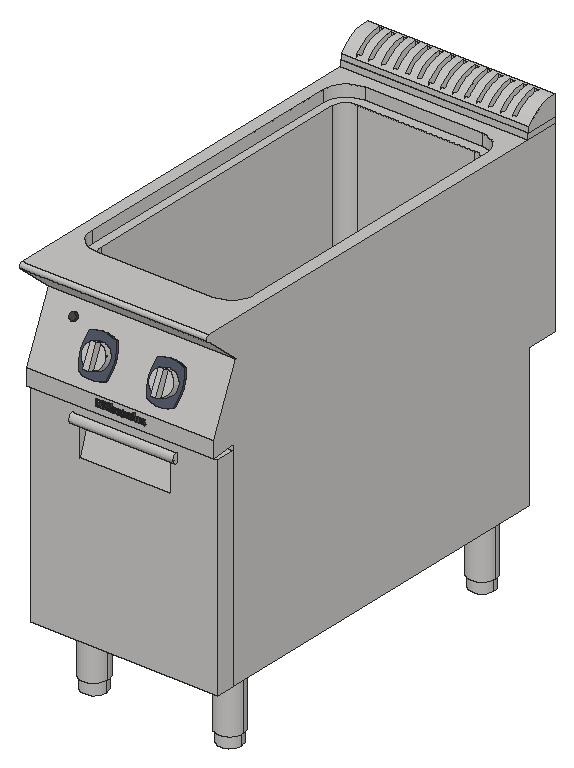
Revit family "QF_ELECTROLUXPROFESSIONAL_391126_E9PCED1MF0", category Specialty Equipment, Revit 2018
Family settings
  Round Connector Dimension = Use Diameter
  Part Type = Normal
  Work Plane-Based = No
  Always vertical = Yes
  Cut with Voids When Loaded = No
  Shared = No
  Room Calculation Point = No
Parameters
  Width = 400 mm  # constant formula
  Weight in Pounds = 62  # constant formula
  Watts = 10000 VA  # 10000 W
  Waste Water Discharge Temperature [instance] = -459.67 °F
  Volts = 400 V  # constant formula
  URL Cutsheet = "www.electrolux.com/foodservice"
  URL = "www.electrolux.com/foodservice"
  Type Mark [instance] = ""
  Status [instance] = ""
  Specification by User [instance] = ""
  Specification by Manufacturer = ""
  Show Logo [instance] = yes
  Show Clearance [instance] = yes
  Serial Number = ""
  Seismic Rating = ""
  SMACNA No = ""
  Revision Code [instance] = ""
  Plumbing Remarks [instance] = ""
  Plumbing Connection Type [instance] = ""
  Phase = 3
  Omniclass Number and Title = ""
  Number of Poles [instance] = 1
  NAFEM Spec ID Number = ""
  Model = "391126"
  Min Ckt Ampacity = 0 A
  Max Overcurrent Protection = 0 A
  Masterspec = ""
  Manufacturer = "ELECTROLUX"
  Item Number [instance] = ""
  Installed By [instance] = ""
  Indirect Waste Size = 25.4 mm  # 1"
  Indirect Waste Flow [instance] = 0 GPM
  Indirect Waste Connection Type [instance] = ""
  Indirect Waste Connection Height = 0 mm
  Identify Quantity as Lot [instance] = yes
  Height = 851 mm  # constant formula
  HP = "13.4 HP"
  Furnished By [instance] = ""
  Foodservice Equipment Identifier [instance] = yes
  FL Amps = if(Phase = 3, Watts / (Volts * 1.73), Watts / Volts)  # 14.4509 A
  Electrical Remarks [instance] = "400 V/3N ph/50/60 Hz"  # constant formula
  Electric Connection Type [instance] = ""
  Elec Conn RI Height [instance] = 0 mm
  Elec Conn Connection Height [instance] = 0 mm
  Direct Waste Size = 1"
  Description = "900XP ELECTRIC PASTA COOKER, 40LT WELL, 1 WELL - 400 V"
  Depth = 930 mm  # constant formula
  Cycle [instance] = if([60 Hertz Option], 60 Hz, 50 Hz)  # 60 Hz
  Conn Plug = ""
  Conn Conduit = yes
  Cold Water Temperature Recommended [instance] = -459.67 °F
  Cold Water Size = 19.1 mm  # 0.75197"
  Cold Water RI Height [instance] = 0 mm
  Cold Water Minimum Pressure = 0.00 psi
  Cold Water Maximum Pressure = 0.00 psi
  Cold Water Flow [instance] = 0 GPM
  Cold Water Consumption = ""
  Cold Water Connection Height = 0 mm
  CSI MasterFormat = ""
  CSI Master Format = ""
  Base Height [instance] = 150 mm  # constant formula
  Apparent Power = if(Phase = 3, Volts * FL Amps * 1.73, Volts * FL Amps)  # 10000 VA
  60 Hertz Option [instance] = not([50 Hertz Option])  # yes
  50 Hertz Option [instance] = no
Reference planes
  plane 1 "BACK": y = 0
  plane 2: z = 0
  plane 3 "LEFT": x = 0
  plane 4 "RIGHT": x = 400
  plane 5 "FRONT": y = -930
  plane 6 "TOP": z = 908
  plane 7 "Center Y": x = 200
  plane 8 "Center X": y = -465
  plane 9 "BASE": z = 601.763
  plane 10 "TOP A": z = 851
  plane 11: z = 150
  plane 12: y = -126
  plane 13: y = -800
  plane 14: y = -1273
  plane 15: x = 345
  plane 16: x = 55
  plane 17: y = -1273
  plane 18: x = 232
  plane 19: x = 334.782
  plane 20: x = 240
  plane 21: x = 240
Forms (mm)
  Extrusion 1, solid, material "QF_Finishes_Stainless Steel"
    sketch origin (0, 0, 0) x (0, 1, 0) y (0, 0, 1)
      loop
        line (0, 851) -> (-923.65, 851)
        arc (-923.65, 851) -> (-929.517, 847.08) -> (-928.14, 840.16) r 6.35
        line (-928.14, 840.16) -> (-852.034, 773.495) -> (-912.145, 642.892) -> (-912.145, 608.853) -> (-858.773, 614.463) -> (-858.773, 150) -> (-70, 150) -> (-70, 451.763) -> (0, 451.763) -> (0, 851)
      loop
        line (-900, 601.763) -> (-900, 150) -> (-860.361, 150) -> (-860.361, 601.763) -> (-900, 601.763)
    from 0 to 400
  Extrusion 2, void
    sketch origin (0, 0, 851) x (-1, 0, 0) y (0, -1, 0)
      loop
        arc (-75, 101.89) -> (-39.645, 116.535) -> (-25, 151.89) r 50
        line (-25, 151.89) -> (-25, 770)
        arc (-25, 770) -> (-39.645, 805.355) -> (-75, 820) r 50
        line (-75, 820) -> (-325, 820)
        arc (-325, 820) -> (-360.355, 805.355) -> (-375, 770) r 50
        line (-375, 770) -> (-375, 151.89)
        arc (-375, 151.89) -> (-360.355, 116.535) -> (-325, 101.89) r 50
        line (-325, 101.89) -> (-75, 101.89)
    from 0 to -25
  Extrusion 3, solid, material "QF_Clearances", visible <- "Show Clearance", detail levels coarse
    sketch origin (0, 0, 0) x (1, 0, 0) y (0, 1, 0)
      loop
        line (0, -930) -> (0, 0) -> (400, 0) -> (400, -930) -> (550.019, -930) -> (550.019, 150.019) -> (-150.019, 150.019) -> (-150.019, -930) -> (0, -930)
    from 0 to 908
  Revolve 4, solid, material "QF_Finishes_Stainless Steel"
    sketch origin (0, -126, 608.09) x (0, 0, 1) y (-1, 0, 0)
      loop
        line (-608.09, -55) -> (-458.09, -55) -> (-458.09, -26) -> (-583.09, -26) -> (-583.09, -28.75) -> (-608.09, -28.75) -> (-608.09, -55)
      axis (-608.09, -55) -> (-458.09, -55)
    angle from 0 to 360
  Revolve 5, solid, material "QF_Finishes_Stainless Steel"
    sketch origin (400.05, -126, 608.09) x (0, 0, 1) y (-1, 0, 0)
      loop
        line (-608.09, 55.05) -> (-608.09, 29.8) -> (-583.09, 29.8) -> (-583.09, 26.05) -> (-458.09, 26.05) -> (-458.09, 55.05) -> (-608.09, 55.05)
      axis (-608.09, 55.05) -> (-458.09, 55.05)
    angle from 0 to 360
  Extrusion 6, solid, material "QF_Door-Drawer Clearances", visible <- "Show Clearance", detail levels coarse
    sketch origin (0, 0, 851) x (-1, 0, 0) y (0, -1, 0)
      loop
        line (-400, 1273) -> (-400, 900) -> (-0.912, 900)
        arc (-0.912, 900) -> (-126.87, 1165.233) -> (-400, 1273) r 400
    from -701 to -249.237
  Revolve 7, solid, material "QF_Finishes_Stainless Steel"
    sketch origin (400.05, -800, 608.09) x (0, 0, 1) y (-1, 0, 0)
      loop
        line (-608.09, 55.05) -> (-608.09, 29.8) -> (-583.09, 29.8) -> (-583.09, 26.05) -> (-458.09, 26.05) -> (-458.09, 55.05) -> (-608.09, 55.05)
      axis (-608.09, 55.05) -> (-458.09, 55.05)
    angle from 0 to 360
  Extrusion 8, solid, material "QF_Finishes_Stainless Steel"
    sketch origin (200, 0, 0) x (0, 1, 0) y (0, 0, 1)
      loop
        line (-71.89, 863.9) -> (-71.89, 851) -> (0, 851) -> (0, 863.9) -> (-71.89, 863.9)
    from -200 to 200
  Extrusion 9, void
    sketch origin (200, -12.863, 0) x (0, 1, 0) y (0, 0, 1)
      loop
        line (-887.138, 564.263) -> (-887.138, 500.55) -> (-863.948, 564.263) -> (-887.138, 564.263)
    from -96.424 to 99.144
  Extrusion 10, solid, material "QF_Finishes_Stainless Steel"
    sketch origin (200, -12.863, 22.5) x (0, 1, 0) y (0, 0, 1)
      loop
        line (-887.137, 541.763) -> (-887.137, 561.763)
        arc (-887.137, 561.763) -> (-897.137, 551.763) -> (-887.137, 541.763) r 10
    from -110.529 to 112.106
  Revolve 11, solid, material "QF_Finishes_Stainless Steel"
    sketch origin (0, -800, 608.09) x (0, 0, 1) y (1, 0, 0)
      loop
        line (-608.09, 55) -> (-608.09, 28.75) -> (-583.09, 28.75) -> (-583.09, 26) -> (-458.09, 26) -> (-458.09, 55) -> (-608.09, 55)
      axis (-608.09, 55) -> (-458.09, 55)
    angle from 0 to 360
  Extrusion 12, solid, material "QF_Finishes_Stainless Steel"
    sketch origin (0, 0, 574.263) x (0, 1, 0) y (0, 0, 1)
      loop
        line (0, 289.638) -> (0, 333.737)
        arc (0, 333.737) -> (-39.336, 326.03) -> (-69.85, 300.038) r 79.141
        line (-69.85, 300.038) -> (-69.85, 289.638) -> (0, 289.638)
    from 0 to 400
  Extrusion 13, void
    sketch origin (0, 0, 848.9) x (0, -1, 0) y (1, 0, 0)
      loop
        line (6.761, 28.703) -> (63.911, 28.703) -> (63.911, 37.999) -> (6.761, 37.999) -> (6.761, 28.703)
      loop
        line (63.911, 63.487) -> (6.761, 63.487) -> (6.761, 54.191) -> (63.911, 54.191) -> (63.911, 63.487)
      loop
        line (63.911, 89.975) -> (6.761, 89.975) -> (6.761, 80.68) -> (63.911, 80.68) -> (63.911, 89.975)
      loop
        line (63.911, 115.464) -> (6.761, 115.464) -> (6.761, 106.168) -> (63.911, 106.168) -> (63.911, 115.464)
      loop
        line (63.911, 140.952) -> (6.761, 140.952) -> (6.761, 131.656) -> (63.911, 131.656) -> (63.911, 140.952)
      loop
        line (63.911, 166.44) -> (6.761, 166.44) -> (6.761, 157.145) -> (63.911, 157.145) -> (63.911, 166.44)
      loop
        line (63.911, 191.929) -> (6.761, 191.929) -> (6.761, 182.633) -> (63.911, 182.633) -> (63.911, 191.929)
      loop
        line (63.911, 217.417) -> (6.761, 217.417) -> (6.761, 208.121) -> (63.911, 208.121) -> (63.911, 217.417)
      loop
        line (63.911, 242.905) -> (6.761, 242.905) -> (6.761, 233.61) -> (63.911, 233.61) -> (63.911, 242.905)
      loop
        line (63.911, 268.394) -> (6.761, 268.394) -> (6.761, 259.098) -> (63.911, 259.098) -> (63.911, 268.394)
      loop
        line (63.911, 293.882) -> (6.761, 293.882) -> (6.761, 284.586) -> (63.911, 284.586) -> (63.911, 293.882)
      loop
        line (63.911, 319.37) -> (6.761, 319.37) -> (6.761, 310.075) -> (63.911, 310.075) -> (63.911, 319.37)
      loop
        line (63.911, 345.859) -> (6.761, 345.859) -> (6.761, 336.563) -> (63.911, 336.563) -> (63.911, 345.859)
      loop
        line (63.911, 370.347) -> (6.761, 370.347) -> (6.761, 361.051) -> (63.911, 361.051) -> (63.911, 370.347)
    from 25.4 to 63.5
  Extrusion 14, solid, material "QF_Finishes_Navy Blue", visible <- "Show Logo"
    sketch origin (0, -912.145, 608.853) x (0, 0, 1) y (-1, 0, 0)
      loop
        line (27.359, -159.055) -> (14.993, -159.055)
        arc (14.993, -159.055) -> (21.176, -163.626) -> (27.359, -159.055) r 6.467
      loop
        arc (27.359, -158.426) -> (26.19, -153.283) -> (21.534, -150.805) r 6.338
        line (21.534, -150.805) -> (21.534, -152.851)
        arc (21.534, -152.851) -> (23.018, -156.506) -> (26.464, -158.426) r 5.941
        line (26.464, -158.426) -> (27.359, -158.426)
      loop
        arc (15.888, -158.426) -> (19.334, -156.506) -> (20.817, -152.851) r 5.941
        line (20.817, -152.851) -> (20.817, -150.805)
        arc (20.817, -150.805) -> (16.123, -153.279) -> (14.834, -158.426) r 6.504
        line (14.834, -158.426) -> (15.888, -158.426)
      loop
        line (28.034, -150.336) -> (14.29, -150.336) -> (14.29, -164.099) -> (28.034, -164.099) -> (28.034, -150.336)
      loop
        arc (28.118, -167.066) -> (27.77, -166.709) -> (27.403, -167.047) r 0.358
        arc (27.403, -167.047) -> (27.089, -167.797) -> (26.372, -168.182) r 1.216
        line (26.372, -168.182) -> (15.959, -168.182)
        arc (15.959, -168.182) -> (15.299, -167.904) -> (14.903, -167.308) r 1.238
        arc (14.903, -167.308) -> (14.509, -167.057) -> (14.203, -167.411) r 0.358
        line (14.203, -167.411) -> (14.203, -177.29) -> (16.954, -177.29) -> (16.954, -176.393)
        arc (16.954, -176.393) -> (16.045, -175.813) -> (15.589, -174.836) r 1.928
        line (15.589, -174.836) -> (15.589, -172.337)
        arc (15.589, -172.337) -> (15.865, -171.608) -> (16.553, -171.244) r 1.101
        line (16.553, -171.244) -> (20.64, -171.244) -> (20.64, -174.917)
        arc (20.64, -174.917) -> (20.287, -175.414) -> (19.722, -175.642) r 1.083
        arc (19.722, -175.642) -> (19.459, -175.948) -> (19.751, -176.226) r 0.292
        line (19.751, -176.226) -> (22.713, -176.226)
        arc (22.713, -176.226) -> (23.016, -175.953) -> (22.777, -175.623) r 0.305
        arc (22.777, -175.623) -> (22.286, -175.375) -> (21.981, -174.917) r 1.083
        line (21.981, -174.917) -> (21.981, -171.244) -> (26.659, -171.244) -> (26.659, -174.991)
        arc (26.659, -174.991) -> (26.444, -175.747) -> (25.838, -176.245) r 1.314
        arc (25.838, -176.245) -> (25.619, -176.649) -> (25.973, -176.941) r 0.361
        line (25.973, -176.941) -> (28.118, -176.941) -> (28.118, -167.066)
      loop
        arc (27.4, -177.722) -> (27.02, -178.641) -> (26.101, -179.021) r 1.299
        line (26.101, -179.021) -> (16.522, -179.021)
        arc (16.522, -179.021) -> (15.684, -178.643) -> (15.413, -177.765) r 1.118
        line (15.413, -177.765) -> (14.203, -177.765) -> (14.203, -183.115) -> (15.391, -183.115)
        arc (15.391, -183.115) -> (15.663, -182.198) -> (16.533, -181.802) r 1.153
        line (16.533, -181.802) -> (28.605, -181.802) -> (27.4, -177.722)
      loop
        line (19.168, -185.751) -> (19.168, -192.198) -> (19.967, -192.198)
        arc (19.967, -192.198) -> (22.547, -191.214) -> (23.816, -188.76) r 3.874
        line (23.816, -188.76) -> (23.816, -187)
        arc (23.816, -187) -> (22.629, -184.135) -> (19.765, -182.949) r 4.051
        line (19.765, -182.949) -> (17.757, -182.949)
        arc (17.757, -182.949) -> (14.938, -184.434) -> (13.887, -187.441) r 4.352
        arc (13.887, -187.441) -> (14.251, -189.904) -> (15.629, -191.978) r 5.713
        line (15.629, -191.978) -> (16.578, -191.978)
        arc (16.578, -191.978) -> (15.845, -190.409) -> (15.629, -188.691) r 5.579
        arc (15.629, -188.691) -> (16.422, -186.728) -> (18.301, -185.751) r 3.057
        line (18.301, -185.751) -> (19.168, -185.751)
      loop
        line (20.427, -185.751) -> (20.427, -189.333)
        arc (20.427, -189.333) -> (21.884, -189.38) -> (22.767, -188.221) r 1.59
        line (22.767, -188.221) -> (22.767, -187.391)
        arc (22.767, -187.391) -> (21.902, -186.136) -> (20.427, -185.751) r 2.184
      loop
        arc (23.218, -201.616) -> (23.707, -199.942) -> (23.864, -198.205) r 9.023
        line (23.864, -198.205) -> (23.864, -196.843)
        arc (23.864, -196.843) -> (22.705, -194.043) -> (19.905, -192.883) r 3.959
        line (19.905, -192.883) -> (17.305, -192.883)
        arc (17.305, -192.883) -> (15.023, -194.176) -> (13.906, -196.549) r 4.331
        line (13.906, -196.549) -> (13.906, -198.684)
        arc (13.906, -198.684) -> (14.414, -200.234) -> (15.336, -201.58) r 5.772
        arc (15.336, -201.58) -> (16.098, -201.631) -> (16.184, -200.872) r 0.553
        arc (16.184, -200.872) -> (15.796, -200.138) -> (15.662, -199.319) r 2.573
        line (15.662, -199.319) -> (15.662, -197.804)
        arc (15.662, -197.804) -> (16.668, -196.162) -> (18.483, -195.52) r 2.884
        line (18.483, -195.52) -> (19.762, -195.52)
        arc (19.762, -195.52) -> (21.583, -196.08) -> (22.509, -197.745) r 2.554
        line (22.509, -197.745) -> (22.509, -198.798)
        arc (22.509, -198.798) -> (22.178, -199.726) -> (21.521, -200.461) r 2.564
        arc (21.521, -200.461) -> (21.299, -201.178) -> (21.909, -201.616) r 0.643
        line (21.909, -201.616) -> (23.218, -201.616)
      loop
        line (22.2, -201.886) -> (22.2, -203.387) -> (16.152, -203.387)
        arc (16.152, -203.387) -> (14.564, -204.045) -> (13.906, -205.633) r 2.246
        line (13.906, -205.633) -> (13.906, -207.217)
        arc (13.906, -207.217) -> (14.22, -208.081) -> (14.72, -208.853) r 4.06
        arc (14.72, -208.853) -> (15.453, -208.986) -> (15.704, -208.285) r 0.576
        arc (15.704, -208.285) -> (15.598, -207.759) -> (15.662, -207.227) r 1.69
        arc (15.662, -207.227) -> (16.204, -206.439) -> (17.11, -206.136) r 1.506
        line (17.11, -206.136) -> (22.248, -206.136) -> (22.248, -208.533) -> (22.805, -209.089) -> (23.626, -209.089) -> (23.626, -206.23) -> (26.857, -206.23) -> (22.2, -201.886)
      loop
        line (14.124, -209.987) -> (14.124, -215.374) -> (15.234, -215.374)
        arc (15.234, -215.374) -> (15.627, -214.423) -> (16.578, -214.029) r 1.345
        line (16.578, -214.029) -> (20.195, -214.029)
        arc (20.195, -214.029) -> (20.959, -214.621) -> (21.249, -215.543) r 1.615
        line (21.249, -215.543) -> (21.249, -217.099) -> (23.805, -217.784) -> (23.805, -216.401) -> (21.862, -213.842) -> (23.742, -213.842) -> (23.458, -211.136)
        arc (23.458, -211.136) -> (23.018, -210.606) -> (22.359, -210.807) r 0.621
        arc (22.359, -210.807) -> (21.959, -211.149) -> (21.465, -211.332) r 1.501
        line (21.465, -211.332) -> (16.578, -211.332)
        arc (16.578, -211.332) -> (15.627, -210.938) -> (15.234, -209.987) r 1.345
        line (15.234, -209.987) -> (14.124, -209.987)
      loop
        line (20.225, -217.321) -> (17.533, -217.321)
        arc (17.533, -217.321) -> (15.088, -218.629) -> (13.954, -221.159) r 4.288
        arc (13.954, -221.159) -> (13.89, -222.54) -> (13.954, -223.92) r 15.022
        arc (13.954, -223.92) -> (15.088, -226.451) -> (17.533, -227.758) r 4.288
        line (17.533, -227.758) -> (20.225, -227.758)
        arc (20.225, -227.758) -> (22.671, -226.451) -> (23.805, -223.92) r 4.288
        arc (23.805, -223.92) -> (23.868, -222.54) -> (23.805, -221.159) r 15.022
        arc (23.805, -221.159) -> (22.671, -218.629) -> (20.225, -217.321) r 4.288
      loop
        line (20.43, -220.435) -> (17.328, -220.435)
        arc (17.328, -220.435) -> (15.171, -222.592) -> (17.328, -224.749) r 2.157
        line (17.328, -224.749) -> (20.43, -224.749)
        arc (20.43, -224.749) -> (22.587, -222.592) -> (20.43, -220.435) r 2.157
      loop
        arc (27.411, -227.616) -> (27.041, -228.51) -> (26.147, -228.881) r 1.264
        line (26.147, -228.881) -> (16.282, -228.881)
        arc (16.282, -228.881) -> (15.412, -228.484) -> (15.141, -227.568) r 1.153
        line (15.141, -227.568) -> (14.203, -227.568) -> (14.203, -232.676) -> (15.131, -232.676)
        arc (15.131, -232.676) -> (15.49, -231.904) -> (16.282, -231.589) r 1.153
        line (16.282, -231.589) -> (28.605, -231.589) -> (27.411, -227.616)
      loop
        arc (22.531, -232.213) -> (22.332, -233.278) -> (21.363, -233.76) r 1.215
        line (21.363, -233.76) -> (16.343, -233.76)
        arc (16.343, -233.76) -> (14.728, -234.407) -> (14.008, -235.99) r 2.338
        line (14.008, -235.99) -> (14.008, -237.505)
        arc (14.008, -237.505) -> (14.182, -238.509) -> (14.684, -239.395) r 2.979
        line (14.684, -239.395) -> (14.203, -241.192) -> (14.203, -242.88) -> (23.629, -242.88) -> (23.335, -238.677) -> (22.548, -238.677)
        arc (22.548, -238.677) -> (22.192, -239.513) -> (21.44, -240.022) r 1.605
        line (21.44, -240.022) -> (16.337, -240.022)
        arc (16.337, -240.022) -> (15.917, -239.085) -> (15.844, -238.061) r 2.94
        arc (15.844, -238.061) -> (16.405, -236.96) -> (17.558, -236.517) r 1.724
        line (17.558, -236.517) -> (23.755, -236.517) -> (22.531, -232.213)
      loop
        line (23.559, -243.734) -> (21.887, -245.78) -> (18.713, -248.086) -> (15.257, -244.974)
        arc (15.257, -244.974) -> (15.02, -244.58) -> (15.042, -244.121) r 0.789
        line (15.042, -244.121) -> (14.203, -244.121) -> (14.203, -247.666) -> (15.029, -247.666)
        arc (15.029, -247.666) -> (15.372, -247.304) -> (15.862, -247.396) r 0.52
        line (15.862, -247.396) -> (17.661, -248.867) -> (15.543, -250.242)
        arc (15.543, -250.242) -> (15.142, -249.932) -> (15.055, -249.433) r 0.7
        line (15.055, -249.433) -> (14.203, -249.433) -> (14.203, -255.36) -> (15.09, -255.36)
        arc (15.09, -255.36) -> (15.157, -254.701) -> (15.552, -254.17) r 1.247
        line (15.552, -254.17) -> (19.751, -250.889) -> (22.198, -252.942) -> (23.559, -254.684) -> (23.559, -250.96) -> (22.074, -251.383) -> (20.553, -250.106) -> (22.253, -248.916) -> (23.559, -249.692) -> (23.559, -243.734)
    from 0 to 1.644
  Extrusion 15, void
    sketch origin (0, 0, 791) x (0, 1, 0) y (-1, 0, 0)
      loop
        arc (-121.89, -75) -> (-130.677, -53.787) -> (-151.89, -45) r 30
        line (-151.89, -45) -> (-606.643, -45)
        arc (-606.643, -45) -> (-627.856, -53.787) -> (-636.643, -75) r 30
        line (-636.643, -75) -> (-636.643, -325)
        arc (-636.643, -325) -> (-627.856, -346.213) -> (-606.643, -355) r 30
        line (-606.643, -355) -> (-151.89, -355)
        arc (-151.89, -355) -> (-130.677, -346.213) -> (-121.89, -325) r 30
        line (-121.89, -325) -> (-121.89, -75)
    from 35 to -339.237
  Extrusion 16, void
    sketch origin (0, -1273.285, 791) x (0, 1, 0) y (-1, 0, 0)
      loop
        line (473.285, -75) -> (473.285, -325)
        arc (473.285, -325) -> (482.072, -346.213) -> (503.285, -355) r 30
        line (503.285, -355) -> (666.643, -355)
        arc (666.643, -355) -> (645.429, -346.213) -> (636.643, -325) r 30
        line (636.643, -325) -> (636.643, -75)
        arc (636.643, -75) -> (645.429, -53.787) -> (666.643, -45) r 30
        line (666.643, -45) -> (503.285, -45)
        arc (503.285, -45) -> (482.072, -53.787) -> (473.285, -75) r 30
    from 35 to -189.237
  Extrusion 17, solid, material "QF_Finishes_Stainless Steel"
    sketch origin (0, 0, 0) x (1, 0, 0) y (0, 1, 0)
      loop
        circle (232, -780) r 12.7
    from 176 to 292.788
  Extrusion 18, solid, material "QF_Finishes_Stainless Steel"
    sketch origin (0, 0, 150) x (-1, 0, 0) y (0, 1, 0)
      loop
        circle (-240, -570) r 6.35
    from 0 to 10
  Extrusion 19, solid, material "QF_Finishes_Stainless Steel"
    sketch origin (152.628, 92.372, 0) x (1, 0, 0) y (0, 1, 0)
      loop
        circle (182.372, -792.372) r 9.525
    from 200 to 331.575
  Extrusion 20, solid, material "QF_Finishes_Navy Blue"
    sketch origin (-405.52, -913.486, 639.979) x (0, 0.418102, 0.9084) y (-1, 0, 0)
      loop
        arc (102.623, -510.47) -> (67.041, -502.846) -> (31.333, -509.853) r 90.5
        arc (31.333, -509.853) -> (24.507, -539.04) -> (31.333, -568.228) r 65.817
        arc (31.333, -568.228) -> (67.04, -575.188) -> (102.623, -567.615) r 91.066
        arc (102.623, -567.615) -> (109.179, -539.043) -> (102.623, -510.47) r 65.546
    from 0 to 3.175
  Extrusion 21, solid, material "QF_Finishes_Stainless Steel"
    sketch origin (-26.77, -917.2, 639.505) x (0, 0.418102, 0.9084) y (-1, 0, 0)
      loop
        circle (68.826, -160.963) r 25.4
    from 0 to 12.7
  Extrusion 22, solid, material "QF_Finishes_Stainless Steel"
    sketch origin (-26.77, -928.736, 644.814) x (0, 0.418102, 0.9084) y (-1, 0, 0)
      loop
        arc (93.558, -166.749) -> (94.226, -160.963) -> (93.558, -155.177) r 25.4
        line (93.558, -155.177) -> (44.094, -155.177)
        arc (44.094, -155.177) -> (43.426, -160.963) -> (44.094, -166.749) r 25.4
        line (44.094, -166.749) -> (93.558, -166.749)
    from 0 to 12.7
  Extrusion 23, solid, material "QF_Finishes_Navy Blue"
    sketch origin (-260.52, -913.486, 639.979) x (0, 0.418102, 0.9084) y (-1, 0, 0)
      loop
        arc (102.623, -510.47) -> (67.041, -502.846) -> (31.333, -509.853) r 90.5
        arc (31.333, -509.853) -> (24.507, -539.04) -> (31.333, -568.228) r 65.817
        arc (31.333, -568.228) -> (67.04, -575.188) -> (102.623, -567.615) r 91.066
        arc (102.623, -567.615) -> (109.179, -539.043) -> (102.623, -510.47) r 65.546
    from 0 to 3.175
  Extrusion 24, solid, material "QF_Finishes_Stainless Steel"
    sketch origin (118.23, -917.2, 639.505) x (0, 0.418102, 0.9084) y (-1, 0, 0)
      loop
        circle (68.826, -160.963) r 25.4
    from 0 to 12.7
  Extrusion 25, solid, material "QF_Finishes_Stainless Steel"
    sketch origin (118.23, -928.736, 644.814) x (0, 0.418102, 0.9084) y (-1, 0, 0)
      loop
        arc (93.558, -166.749) -> (94.226, -160.963) -> (93.558, -155.177) r 25.4
        line (93.558, -155.177) -> (44.094, -155.177)
        arc (44.094, -155.177) -> (43.426, -160.963) -> (44.094, -166.749) r 25.4
        line (44.094, -166.749) -> (93.558, -166.749)
    from 0 to 12.7
  Extrusion 26, solid, material "QF_Finishes_Black"
    sketch origin (-36.317, -915, 636.69) x (0, 0.418102, 0.9084) y (-1, 0, 0)
      loop
        circle (117.556, -101.317) r 7.5
    from 0 to 4
Cuts and joins
  Extrusion 2, Extrusion 9, Extrusion 15, Extrusion 16 cuts Extrusion 1
  Extrusion 13 cuts Extrusion 12
Lines and regions (mm)
  symbolic lines, style "QF_Clearances", visible <- "Show Clearance", detail levels coarse
    curve 1: line (-150.019, 150.019, 851) -> (-150.019, -930, 851)
    curve 2: line (550.019, 150.019, 851) -> (-150.019, 150.019, 851)
    curve 3: line (550.019, -930, 851) -> (550.019, 150.019, 851)
  symbolic lines
    curve 4: line (0, -930, 851) -> (0, 0, 851)
    curve 5: line (400, 0, 851) -> (400, -930, 851)
    curve 6: line (400, -930, 851) -> (0, -930, 851)
    curve 9: line (0, -71.89, 851) -> (400, -71.89, 851)
    curve 10: line (0, 0, 851) -> (400, 0, 851)
    curve 11: line (28.703, -6.761, 851) -> (37.999, -6.761, 851)
    curve 12: line (28.703, -63.911, 851) -> (28.703, -6.761, 851)
    curve 13: line (37.999, -63.911, 851) -> (28.703, -63.911, 851)
    curve 14: line (37.999, -6.761, 851) -> (37.999, -63.911, 851)
    curve 15: line (54.191, -6.761, 851) -> (63.487, -6.761, 851)
    curve 16: line (54.191, -63.911, 851) -> (54.191, -6.761, 851)
    curve 17: line (63.487, -63.911, 851) -> (54.191, -63.911, 851)
    curve 18: line (63.487, -6.761, 851) -> (63.487, -63.911, 851)
    curve 19: line (80.68, -6.761, 851) -> (89.975, -6.761, 851)
    curve 20: line (80.68, -63.911, 851) -> (80.68, -6.761, 851)
    curve 21: line (89.975, -63.911, 851) -> (80.68, -63.911, 851)
    curve 22: line (89.975, -6.761, 851) -> (89.975, -63.911, 851)
    curve 23: line (106.168, -6.761, 851) -> (115.464, -6.761, 851)
    curve 24: line (106.168, -63.911, 851) -> (106.168, -6.761, 851)
    curve 25: line (115.464, -63.911, 851) -> (106.168, -63.911, 851)
    curve 26: line (115.464, -6.761, 851) -> (115.464, -63.911, 851)
    curve 27: line (131.656, -6.761, 851) -> (140.952, -6.761, 851)
    curve 28: line (131.656, -63.911, 851) -> (131.656, -6.761, 851)
    curve 29: line (140.952, -63.911, 851) -> (131.656, -63.911, 851)
    curve 30: line (140.952, -6.761, 851) -> (140.952, -63.911, 851)
    curve 31: line (157.145, -6.761, 851) -> (166.44, -6.761, 851)
    curve 32: line (157.145, -63.911, 851) -> (157.145, -6.761, 851)
    curve 33: line (166.44, -63.911, 851) -> (157.145, -63.911, 851)
    curve 34: line (166.44, -6.761, 851) -> (166.44, -63.911, 851)
    curve 35: line (182.633, -6.761, 851) -> (191.929, -6.761, 851)
    curve 36: line (182.633, -63.911, 851) -> (182.633, -6.761, 851)
    curve 37: line (191.929, -63.911, 851) -> (182.633, -63.911, 851)
    curve 38: line (191.929, -6.761, 851) -> (191.929, -63.911, 851)
    curve 39: line (208.121, -6.761, 851) -> (218.417, -6.761, 851)
    curve 40: line (208.121, -63.911, 851) -> (208.121, -6.761, 851)
    curve 41: line (218.417, -63.911, 851) -> (208.121, -63.911, 851)
    curve 42: line (218.417, -6.761, 851) -> (218.417, -63.911, 851)
    curve 43: line (234.61, -6.761, 851) -> (243.905, -6.761, 851)
    curve 44: line (234.61, -63.911, 851) -> (234.61, -6.761, 851)
    curve 45: line (243.905, -63.911, 851) -> (234.61, -63.911, 851)
    curve 46: line (243.905, -6.761, 851) -> (243.905, -63.911, 851)
    curve 47: line (260.098, -6.761, 851) -> (269.394, -6.761, 851)
    curve 48: line (260.098, -63.911, 851) -> (260.098, -6.761, 851)
    curve 49: line (269.394, -63.911, 851) -> (260.098, -63.911, 851)
    curve 50: line (269.394, -6.761, 851) -> (269.394, -63.911, 851)
    curve 51: line (285.586, -6.761, 851) -> (294.882, -6.761, 851)
    curve 52: line (285.586, -63.911, 851) -> (285.586, -6.761, 851)
    curve 53: line (294.882, -63.911, 851) -> (285.586, -63.911, 851)
    curve 54: line (294.882, -6.761, 851) -> (294.882, -63.911, 851)
    curve 55: line (311.075, -6.761, 851) -> (320.37, -6.761, 851)
    curve 56: line (311.075, -63.911, 851) -> (311.075, -6.761, 851)
    curve 57: line (320.37, -63.911, 851) -> (311.075, -63.911, 851)
    curve 58: line (320.37, -6.761, 851) -> (320.37, -63.911, 851)
    curve 59: line (336.563, -6.761, 851) -> (345.859, -6.761, 851)
    curve 60: line (336.563, -63.911, 851) -> (336.563, -6.761, 851)
    curve 61: line (345.859, -63.911, 851) -> (336.563, -63.911, 851)
    curve 62: line (345.859, -6.761, 851) -> (345.859, -63.911, 851)
    curve 63: line (361.051, -6.761, 851) -> (370.347, -6.761, 851)
    curve 64: line (361.051, -63.911, 851) -> (361.051, -6.761, 851)
    curve 65: line (370.347, -63.911, 851) -> (361.051, -63.911, 851)
    curve 66: line (370.347, -6.761, 851) -> (370.347, -63.911, 851)
    curve 67: line (25, -770, 851) -> (25, -151.89, 851)
    curve 68: arc (25, -151.89, 851) -> (39.645, -116.535, 851) -> (75, -101.89, 851) r 50
    curve 69: line (75, -101.89, 851) -> (325, -101.89, 851)
    curve 70: arc (325, -101.89, 851) -> (360.355, -116.535, 851) -> (375, -151.89, 851) r 50
    curve 71: line (375, -151.89, 851) -> (375, -770, 851)
    curve 72: arc (375, -770, 851) -> (360.355, -805.355, 851) -> (325, -820, 851) r 50
    curve 73: line (325, -820, 851) -> (75, -820, 851)
    curve 74: arc (75, -820, 851) -> (39.645, -805.355, 851) -> (25, -770, 851) r 50
    curve 75: line (75, -121.89, 851) -> (325, -121.89, 851)
    curve 76: arc (325, -121.89, 851) -> (346.213, -130.677, 851) -> (355, -151.89, 851) r 30
    curve 77: line (355, -151.89, 851) -> (355, -770, 851)
    curve 78: arc (355, -770, 851) -> (346.213, -791.213, 851) -> (325, -800, 851) r 30
    curve 79: line (325, -800, 851) -> (75, -800, 851)
    curve 80: arc (75, -800, 851) -> (53.787, -791.213, 851) -> (45, -770, 851) r 30
    curve 81: line (45, -770, 851) -> (45, -151.89, 851)
    curve 82: arc (45, -151.89, 851) -> (53.787, -130.677, 851) -> (75, -121.89, 851) r 30
    curve 83: line (75, -636.643, 851) -> (325, -636.643, 851)
    curve 84: arc (45, -606.643, 851) -> (53.787, -627.856, 851) -> (75, -636.643, 851) r 30
    curve 85: arc (325, -636.643, 851) -> (346.213, -627.856, 851) -> (355, -606.643, 851) r 30
    curve 86: line (65, -606.643, 851) -> (65, -151.89, 851)
    curve 87: line (75, -616.643, 851) -> (325, -616.643, 851)
    curve 88: arc (65, -606.643, 851) -> (67.929, -613.714, 851) -> (75, -616.643, 851) r 10
    curve 89: arc (325, -616.643, 851) -> (332.071, -613.714, 851) -> (335, -606.643, 851) r 10
    curve 90: line (335, -151.89, 851) -> (335, -606.643, 851)
    curve 91: arc (325, -141.89, 851) -> (332.071, -144.819, 851) -> (335, -151.89, 851) r 10
    curve 92: line (75, -141.89, 851) -> (325, -141.89, 851)
    curve 93: arc (65, -151.89, 851) -> (67.929, -144.819, 851) -> (75, -141.89, 851) r 10
  symbolic lines, style "QF_Door-Drawer Clearances"
    curve 7: arc (4.082, -930, 851) -> (23.737, -1008.742, 851) -> (58.881, -1081.897, 851) r 400
    curve 8: line (58.881, -1081.897, 851) -> (326.76, -930, 851)
Dimensions and locks
  equal spacing: plane 3 "LEFT", plane 7 "Center Y", plane 4 "RIGHT"
  "Width": plane 3 "LEFT" to plane 4 "RIGHT"
  equal spacing: plane 5 "FRONT", plane 8 "Center X", plane 1 "BACK"
  "Depth": plane 5 "FRONT" to plane 1 "BACK"
  plane 1 "BACK" to plane 5 "FRONT" = 930 mm
  "Base Height": plane 11 to level
  plane 1 "BACK" to plane 12 = 126 mm
  plane 12 to plane 13 to cut or joined group of Extrusion 1, Extrusion 2, Extrusion 9, Extrusion 15, Extrusion 16 = 674 mm, 100 mm
  locked: plane 14 to plane 5 "FRONT" at 343
  plane 4 "RIGHT" to plane 15 = 55 mm
  plane 16 to plane 3 "LEFT" = 55 mm
  plane 5 "FRONT" to plane 1 "BACK" = 930 mm
  plane 4 "RIGHT" to plane 3 "LEFT" = 400 mm
  plane 5 "FRONT" to plane 17 = 343 mm
  plane 1 "BACK" to curve 2 = 150.019 mm
  plane 4 "RIGHT" to curve 3 = 150.019 mm
  curve 1 to plane 3 "LEFT" = 150.019 mm
  "Height": plane 10 "TOP A" to level
  plane 10 "TOP A" to plane 11 = 701 mm
  plane 10 "TOP A" to plane 11 to level = 701 mm, 150 mm
  plane 6 "TOP" to level = 908 mm
  plane 15 to plane 16 = 290 mm
  plane 3 "LEFT" to Extrusion 17 sketch curve = 232 mm
  Extrusion 17 sketch curve to plane 1 "BACK" = 780 mm
  cut or joined group of Extrusion 1, Extrusion 2, Extrusion 9, Extrusion 15, Extrusion 16 to Extrusion 17 = 26 mm
  plane 3 "LEFT" to Extrusion 18 sketch curve = 240 mm
  Extrusion 18 sketch curve to plane 1 "BACK" = 570 mm
  Extrusion 18 to plane 1 "BACK" = 570 mm
  Extrusion 17 to plane 1 "BACK" = 780 mm
  plane 3 "LEFT" to plane 18 = 232 mm
  plane 19 to plane 4 "RIGHT" = 65.218 mm
  Extrusion 19 to plane 1 "BACK" = 700 mm
  cut or joined group of Extrusion 1, Extrusion 2, Extrusion 9, Extrusion 15, Extrusion 16 to Extrusion 19 = 50 mm
  plane 1 "BACK" to Extrusion 19 = 700 mm
  plane 1 "BACK" to Extrusion 18 = 570 mm
  plane 1 "BACK" to Extrusion 17 = 780 mm
  Extrusion 19 to plane 11 = 50 mm
  plane 3 "LEFT" to plane 21 = 240 mm
  aligned and locked: level to plane 2
  aligned and locked: plane 4 "RIGHT" to Extrusion 1
  aligned and locked: plane 6 "TOP" to Extrusion 3
  aligned and locked: plane 13 to Revolve 7
  aligned and locked: plane 12 to Revolve 4
  aligned and locked: plane 12 to Revolve 5
  aligned and locked: plane 4 "RIGHT" to Extrusion 8
  aligned and locked: plane 14 to Extrusion 6 sketch curve
  aligned and locked: plane 13 to Revolve 11
Automatic sketch dimensions
  Extrusion 1 sketch curve to plane 10 "TOP A" = 0 mm
  Extrusion 1 sketch curve to plane 9 "BASE" = 0 mm
  Extrusion 1 sketch curve to plane 11 = 0 mm  (x2)
  Extrusion 1 sketch curve to plane 1 "BACK" = 0 mm
  Extrusion 1 sketch curve to plane 12 = 56 mm
  plane 13 to Extrusion 1 sketch curve = 52.034 mm
  plane 13 to Extrusion 1 sketch curve = 58.773 mm
  Extrusion 1 sketch curve to Extrusion 1 sketch curve = 1.588 mm
  Extrusion 1 sketch curve to plane 5 "FRONT" = 30 mm
  plane 9 "BASE" to Extrusion 1 sketch curve = 7.09 mm
  Extrusion 1 sketch curve to Extrusion 1 sketch curve = 12.145 mm
  Extrusion 1 sketch curve to plane 5 "FRONT" = 6.35 mm
  Extrusion 1 sketch curve to plane 5 "FRONT" = 1.86 mm
  Extrusion 1 sketch curve to plane 9 "BASE" = 150 mm
  plane 9 "BASE" to Extrusion 1 sketch curve = 12.7 mm
  Extrusion 1 sketch curve to Extrusion 1 sketch curve = 34.039 mm
  Extrusion 1 sketch curve to plane 10 "TOP A" = 77.505 mm
  Extrusion 1 sketch curve to plane 10 "TOP A" = 10.84 mm
  Extrusion 2 sketch curve to plane 4 "RIGHT" = 25 mm
  plane 19 to Extrusion 2 sketch curve = 9.782 mm  (x2)
  plane 3 "LEFT" to Extrusion 2 sketch curve = 25 mm
  Extrusion 2 sketch curve to plane 12 = 24.11 mm
  Extrusion 2 sketch curve to plane 13 = 30 mm
  plane 5 "FRONT" to Extrusion 3 sketch curve = 0 mm  (x2)
  plane 1 "BACK" to Extrusion 3 sketch curve = 0 mm
  Extrusion 3 sketch curve to plane 3 "LEFT" = 0 mm
  Extrusion 3 sketch curve to plane 4 "RIGHT" = 0 mm
  Extrusion 3 sketch curve to plane 3 "LEFT" = 150.019 mm
  plane 4 "RIGHT" to Extrusion 3 sketch curve = 150.019 mm
  Extrusion 3 sketch curve to plane 1 "BACK" = 150.019 mm
  Revolve 4 sketch curve to level = 0 mm
  Revolve 4 sketch curve to plane 11 = 0 mm  (x2)
  Revolve 4 sketch curve to plane 16 = 0 mm  (x2)
  level to Revolve 4 sketch curve = 25 mm
  plane 11 to Revolve 4 sketch curve = 20 mm
  Revolve 4 sketch curve to plane 16 = 26.25 mm
  plane 3 "LEFT" to Revolve 4 sketch curve = 26 mm
  Revolve 5 sketch curve to level = 0 mm
  Revolve 5 sketch curve to plane 11 = 0 mm  (x2)
  Revolve 5 sketch curve to plane 15 = 0 mm  (x2)
  level to Revolve 5 sketch curve = 25 mm
  plane 11 to Revolve 5 sketch curve = 20 mm
  plane 15 to Revolve 5 sketch curve = 25.25 mm
  Revolve 5 sketch curve to plane 4 "RIGHT" = 26 mm
  Extrusion 6 sketch curve to plane 4 "RIGHT" = 0 mm
  plane 3 "LEFT" to Extrusion 6 sketch curve = 0.912 mm
  Extrusion 6 sketch curve to plane 5 "FRONT" = 30 mm
  Revolve 7 sketch curve to level = 0 mm
  Revolve 7 sketch curve to plane 11 = 0 mm  (x2)
  Revolve 7 sketch curve to plane 15 = 0 mm  (x2)
  level to Revolve 7 sketch curve = 25 mm
  plane 11 to Revolve 7 sketch curve = 20 mm
  plane 15 to Revolve 7 sketch curve = 25.25 mm
  Revolve 7 sketch curve to plane 4 "RIGHT" = 26 mm
  Extrusion 8 sketch curve to plane 10 "TOP A" = 0 mm
  Extrusion 8 sketch curve to plane 1 "BACK" = 0 mm
  plane 10 "TOP A" to Extrusion 8 sketch curve = 12.9 mm
  Extrusion 8 sketch curve to plane 12 = 54.11 mm
  Extrusion 9 sketch curve to plane 5 "FRONT" = 30 mm
  Extrusion 9 sketch curve to Extrusion 9 sketch curve = 23.189 mm
  Extrusion 9 sketch curve to plane 9 "BASE" = 101.212 mm
  Extrusion 9 sketch curve to plane 9 "BASE" = 37.5 mm
  Extrusion 10 sketch curve to plane 5 "FRONT" = 30 mm
  Extrusion 10 sketch curve to plane 9 "BASE" = 37.5 mm
  Extrusion 10 sketch curve to Extrusion 10 sketch curve = 10 mm
  Revolve 11 sketch curve to level = 0 mm
  Revolve 11 sketch curve to plane 11 = 0 mm  (x2)
  Revolve 11 sketch curve to plane 16 = 0 mm  (x2)
  level to Revolve 11 sketch curve = 25 mm
  plane 11 to Revolve 11 sketch curve = 20 mm
  Revolve 11 sketch curve to plane 16 = 26.25 mm
  plane 3 "LEFT" to Revolve 11 sketch curve = 26 mm
  Extrusion 12 sketch curve to plane 1 "BACK" = 0 mm
  Extrusion 12 sketch curve to plane 6 "TOP" = 0 mm
  plane 1 "BACK" to Extrusion 12 sketch curve = 4.947 mm
  plane 10 "TOP A" to Extrusion 12 sketch curve = 23.3 mm
  plane 1 "BACK" to Extrusion 12 sketch curve = 69.85 mm
  plane 10 "TOP A" to Extrusion 12 sketch curve = 12.9 mm
  plane 1 "BACK" to Extrusion 13 sketch curve = 6.761 mm  (x14)
  Extrusion 13 sketch curve to plane 19 = 1.781 mm
  Extrusion 13 sketch curve to plane 18 = 1.61 mm
  plane 18 to Extrusion 13 sketch curve = 14.583 mm
  Extrusion 13 sketch curve to Extrusion 13 sketch curve = 57.15 mm
  Extrusion 13 sketch curve to plane 7 "Center Y" = 8.071 mm
  Extrusion 13 sketch curve to Extrusion 13 sketch curve = 0 mm  (x13)
  Extrusion 13 sketch curve to plane 18 = 10.905 mm
  plane 15 to Extrusion 13 sketch curve = 0.859 mm
  Extrusion 13 sketch curve to plane 16 = 0.809 mm
  Extrusion 13 sketch curve to Extrusion 13 sketch curve = 16.193 mm  (x7)
  Extrusion 13 sketch curve to Extrusion 13 sketch curve = 9.296 mm  (x10)
  plane 7 "Center Y" to Extrusion 13 sketch curve = 8.121 mm
  Extrusion 13 sketch curve to Extrusion 13 sketch curve = 15.193 mm
  plane 18 to Extrusion 14 sketch curve = 9.46 mm
  plane 9 "BASE" to Extrusion 14 sketch curve = 15.936 mm
  plane 9 "BASE" to Extrusion 14 sketch curve = 20.977 mm
  plane 7 "Center Y" to Extrusion 14 sketch curve = 7.217 mm
  Extrusion 14 sketch curve to Extrusion 14 sketch curve = 5.06 mm
  Extrusion 14 sketch curve to plane 7 "Center Y" = 3.451 mm
  Extrusion 14 sketch curve to Extrusion 14 sketch curve = 0 mm  (x28)
  Extrusion 14 sketch curve to Extrusion 14 sketch curve = 5.108 mm  (x2)
  Extrusion 14 sketch curve to plane 18 = 5.505 mm
  Extrusion 14 sketch curve to Extrusion 14 sketch curve = 0.054 mm
  Extrusion 14 sketch curve to Extrusion 14 sketch curve = 0.218 mm
  Extrusion 14 sketch curve to Extrusion 14 sketch curve = 0.195 mm
  Extrusion 14 sketch curve to Extrusion 14 sketch curve = 0.249 mm
  Extrusion 14 sketch curve to Extrusion 14 sketch curve = 0.316 mm
  Extrusion 14 sketch curve to Extrusion 14 sketch curve = 0.087 mm
  Extrusion 14 sketch curve to Extrusion 14 sketch curve = 0.358 mm
  Extrusion 14 sketch curve to Extrusion 14 sketch curve = 0.481 mm
  Extrusion 14 sketch curve to Extrusion 14 sketch curve = 0.597 mm
  Extrusion 14 sketch curve to Extrusion 14 sketch curve = 0.544 mm
  Extrusion 14 sketch curve to Extrusion 14 sketch curve = 0.936 mm
  Extrusion 14 sketch curve to Extrusion 14 sketch curve = 0.594 mm
  Extrusion 14 sketch curve to Extrusion 14 sketch curve = 0.343 mm
  Extrusion 14 sketch curve to Extrusion 14 sketch curve = 0.159 mm
  Extrusion 14 sketch curve to Extrusion 14 sketch curve = 0.826 mm
  Extrusion 14 sketch curve to Extrusion 14 sketch curve = 0.839 mm
  Extrusion 14 sketch curve to Extrusion 14 sketch curve = 0.852 mm
  Extrusion 14 sketch curve to Extrusion 14 sketch curve = 0.887 mm
  Extrusion 14 sketch curve to Extrusion 14 sketch curve = 0.928 mm
  Extrusion 14 sketch curve to Extrusion 14 sketch curve = 0.938 mm
  Extrusion 14 sketch curve to Extrusion 14 sketch curve = 0.444 mm
  Extrusion 14 sketch curve to Extrusion 14 sketch curve = 1.11 mm  (x3)
  Extrusion 14 sketch curve to plane 18 = 12.974 mm
  Extrusion 14 sketch curve to Extrusion 14 sketch curve = 0.215 mm
  plane 7 "Center Y" to Extrusion 14 sketch curve = 1.58 mm
  Extrusion 14 sketch curve to Extrusion 14 sketch curve = 1.43 mm
  Extrusion 14 sketch curve to Extrusion 14 sketch curve = 1.188 mm
  Extrusion 14 sketch curve to Extrusion 14 sketch curve = 1.21 mm  (x2)
  Extrusion 14 sketch curve to Extrusion 14 sketch curve = 0.503 mm
  Extrusion 14 sketch curve to Extrusion 14 sketch curve = 0.488 mm
  Extrusion 14 sketch curve to Extrusion 14 sketch curve = 0.462 mm
  Extrusion 14 sketch curve to Extrusion 14 sketch curve = 1.386 mm
  Extrusion 14 sketch curve to Extrusion 14 sketch curve = 1.742 mm  (x2)
  Extrusion 14 sketch curve to Extrusion 14 sketch curve = 0.821 mm
  Extrusion 14 sketch curve to Extrusion 14 sketch curve = 0.497 mm
  Extrusion 14 sketch curve to Extrusion 14 sketch curve = 0.539 mm
  Extrusion 14 sketch curve to Extrusion 14 sketch curve = 0.199 mm
  Extrusion 14 sketch curve to Extrusion 14 sketch curve = 0.408 mm
  Extrusion 14 sketch curve to Extrusion 14 sketch curve = 0.528 mm
  Extrusion 14 sketch curve to Extrusion 14 sketch curve = 1.16 mm
  Extrusion 14 sketch curve to Extrusion 14 sketch curve = 0.329 mm
  Extrusion 14 sketch curve to Extrusion 14 sketch curve = 1.054 mm
  Extrusion 14 sketch curve to Extrusion 14 sketch curve = 1.056 mm
  Extrusion 14 sketch curve to Extrusion 14 sketch curve = 0.129 mm
  Extrusion 14 sketch curve to Extrusion 14 sketch curve = 0.489 mm
  Extrusion 14 sketch curve to Extrusion 14 sketch curve = 0.441 mm
  plane 18 to Extrusion 14 sketch curve = 0.411 mm
  Extrusion 14 sketch curve to Extrusion 14 sketch curve = 1.151 mm
  Extrusion 14 sketch curve to Extrusion 14 sketch curve = 1.141 mm  (x2)
  Extrusion 14 sketch curve to Extrusion 14 sketch curve = 0.768 mm
  Extrusion 14 sketch curve to Extrusion 14 sketch curve = 1.653 mm
  Extrusion 14 sketch curve to Extrusion 14 sketch curve = 0.499 mm
  Extrusion 14 sketch curve to Extrusion 14 sketch curve = 0.964 mm
  Extrusion 14 sketch curve to Extrusion 14 sketch curve = 0.949 mm
  Extrusion 14 sketch curve to Extrusion 14 sketch curve = 1.345 mm  (x3)
  Extrusion 14 sketch curve to Extrusion 14 sketch curve = 1.101 mm
  Extrusion 14 sketch curve to Extrusion 14 sketch curve = 0.432 mm
  Extrusion 14 sketch curve to Extrusion 14 sketch curve = 1.142 mm
  Extrusion 14 sketch curve to Extrusion 14 sketch curve = 0.959 mm
  Extrusion 14 sketch curve to Extrusion 14 sketch curve = 0.176 mm
  Extrusion 14 sketch curve to Extrusion 14 sketch curve = 0.728 mm
  Extrusion 14 sketch curve to Extrusion 14 sketch curve = 3.375 mm  (x2)
  Extrusion 14 sketch curve to Extrusion 14 sketch curve = 0.541 mm
  Extrusion 14 sketch curve to Extrusion 14 sketch curve = 0.955 mm
  Extrusion 14 sketch curve to Extrusion 14 sketch curve = 1.251 mm
  Extrusion 14 sketch curve to Extrusion 14 sketch curve = 0.572 mm
  Extrusion 14 sketch curve to Extrusion 14 sketch curve = 1.92 mm
  Extrusion 14 sketch curve to Extrusion 14 sketch curve = 1.224 mm
  Extrusion 14 sketch curve to Extrusion 14 sketch curve = 0.745 mm
  Extrusion 14 sketch curve to Extrusion 14 sketch curve = 2.537 mm
  Extrusion 14 sketch curve to Extrusion 14 sketch curve = 0.896 mm  (x3)
  Extrusion 14 sketch curve to plane 7 "Center Y" = 0.681 mm
  Extrusion 14 sketch curve to Extrusion 14 sketch curve = 2.607 mm
  Extrusion 14 sketch curve to Extrusion 14 sketch curve = 0.066 mm
  Extrusion 14 sketch curve to Extrusion 14 sketch curve = 0.248 mm
  Extrusion 14 sketch curve to Extrusion 14 sketch curve = 0.449 mm
  Extrusion 14 sketch curve to Extrusion 14 sketch curve = 1.052 mm
  Extrusion 14 sketch curve to Extrusion 14 sketch curve = 1.863 mm
  Extrusion 14 sketch curve to Extrusion 14 sketch curve = 1.31 mm  (x2)
  Extrusion 14 sketch curve to Extrusion 14 sketch curve = 0.901 mm
  Extrusion 14 sketch curve to Extrusion 14 sketch curve = 1.107 mm
  Extrusion 14 sketch curve to Extrusion 14 sketch curve = 2.122 mm
  Extrusion 14 sketch curve to Extrusion 14 sketch curve = 2.101 mm
  Extrusion 14 sketch curve to Extrusion 14 sketch curve = 0.106 mm
  Extrusion 14 sketch curve to Extrusion 14 sketch curve = 0.029 mm
  Extrusion 14 sketch curve to Extrusion 14 sketch curve = 2.09 mm
  Extrusion 14 sketch curve to Extrusion 14 sketch curve = 1.279 mm
  Extrusion 14 sketch curve to Extrusion 14 sketch curve = 2.008 mm
  Extrusion 14 sketch curve to Extrusion 14 sketch curve = 0.738 mm
  Extrusion 14 sketch curve to Extrusion 14 sketch curve = 0.382 mm
  Extrusion 14 sketch curve to Extrusion 14 sketch curve = 0.384 mm
  Extrusion 14 sketch curve to Extrusion 14 sketch curve = 0.002 mm
  Extrusion 14 sketch curve to Extrusion 14 sketch curve = 0.561 mm
  Extrusion 14 sketch curve to Extrusion 14 sketch curve = 0.592 mm
  Extrusion 14 sketch curve to Extrusion 14 sketch curve = 2.692 mm
  Extrusion 14 sketch curve to Extrusion 14 sketch curve = 1.259 mm
  Extrusion 14 sketch curve to Extrusion 14 sketch curve = 0.802 mm
  Extrusion 14 sketch curve to Extrusion 14 sketch curve = 1.024 mm  (x2)
  Extrusion 14 sketch curve to Extrusion 14 sketch curve = 0.682 mm
  Extrusion 14 sketch curve to Extrusion 14 sketch curve = 5.934 mm
  Extrusion 14 sketch curve to Extrusion 14 sketch curve = 2.186 mm
  Extrusion 14 sketch curve to Extrusion 14 sketch curve = 0.337 mm
  Extrusion 14 sketch curve to Extrusion 14 sketch curve = 0.021 mm
  Extrusion 14 sketch curve to Extrusion 14 sketch curve = 1.005 mm
  Extrusion 14 sketch curve to Extrusion 14 sketch curve = 0.552 mm
  Extrusion 14 sketch curve to Extrusion 14 sketch curve = 0.778 mm
  Extrusion 14 sketch curve to Extrusion 14 sketch curve = 0.063 mm
  Extrusion 14 sketch curve to Extrusion 14 sketch curve = 1.023 mm
  Extrusion 14 sketch curve to plane 18 = 1.76 mm
  Extrusion 14 sketch curve to Extrusion 14 sketch curve = 3.804 mm
  Extrusion 14 sketch curve to Extrusion 14 sketch curve = 0.486 mm
  Extrusion 14 sketch curve to Extrusion 14 sketch curve = 0.266 mm
  plane 7 "Center Y" to Extrusion 14 sketch curve = 0.461 mm
  Extrusion 14 sketch curve to Extrusion 14 sketch curve = 1.547 mm
  Extrusion 14 sketch curve to Extrusion 14 sketch curve = 0.717 mm  (x2)
  Extrusion 14 sketch curve to Extrusion 14 sketch curve = 1.667 mm
  Extrusion 14 sketch curve to plane 18 = 13.78 mm
  Extrusion 14 sketch curve to Extrusion 14 sketch curve = 3.174 mm
  Extrusion 14 sketch curve to Extrusion 14 sketch curve = 0.388 mm
  Extrusion 14 sketch curve to Extrusion 14 sketch curve = 1.342 mm
  Extrusion 14 sketch curve to Extrusion 14 sketch curve = 1.521 mm
  Extrusion 14 sketch curve to Extrusion 14 sketch curve = 0.124 mm
  Extrusion 14 sketch curve to Extrusion 14 sketch curve = 0.291 mm
  plane 7 "Center Y" to Extrusion 14 sketch curve = 8.533 mm
  Extrusion 14 sketch curve to Extrusion 14 sketch curve = 1.049 mm  (x2)
  Extrusion 14 sketch curve to Extrusion 14 sketch curve = 1.7 mm
  Extrusion 14 sketch curve to Extrusion 14 sketch curve = 0.894 mm
  Extrusion 14 sketch curve to plane 7 "Center Y" = 1.202 mm
  Extrusion 14 sketch curve to Extrusion 14 sketch curve = 0.989 mm
  Extrusion 14 sketch curve to plane 18 = 0.213 mm
  Extrusion 14 sketch curve to Extrusion 14 sketch curve = 1.168 mm
  Extrusion 14 sketch curve to Extrusion 14 sketch curve = 1.594 mm
  Extrusion 14 sketch curve to Extrusion 14 sketch curve = 0.731 mm
  Extrusion 14 sketch curve to Extrusion 14 sketch curve = 1.566 mm
  Extrusion 14 sketch curve to Extrusion 14 sketch curve = 0.064 mm
  plane 7 "Center Y" to Extrusion 14 sketch curve = 9.089 mm
  Extrusion 14 sketch curve to Extrusion 14 sketch curve = 0.556 mm
  Extrusion 14 sketch curve to Extrusion 14 sketch curve = 0.48 mm
  Extrusion 14 sketch curve to Extrusion 14 sketch curve = 1.018 mm
  Extrusion 14 sketch curve to plane 18 = 6.677 mm
  Extrusion 14 sketch curve to Extrusion 14 sketch curve = 0.787 mm
  Extrusion 14 sketch curve to Extrusion 14 sketch curve = 0.618 mm
  Extrusion 14 sketch curve to plane 18 = 11.734 mm
  Extrusion 14 sketch curve to Extrusion 14 sketch curve = 1.672 mm
  Extrusion 14 sketch curve to Extrusion 14 sketch curve = 1.361 mm
  Extrusion 14 sketch curve to Extrusion 14 sketch curve = 0.822 mm
  Extrusion 14 sketch curve to Extrusion 14 sketch curve = 0.069 mm
  Extrusion 14 sketch curve to Extrusion 14 sketch curve = 1.88 mm
  Extrusion 14 sketch curve to plane 18 = 4.517 mm
  Extrusion 14 sketch curve to Extrusion 14 sketch curve = 0.42 mm
  Extrusion 14 sketch curve to Extrusion 14 sketch curve = 0.062 mm
  Extrusion 14 sketch curve to Extrusion 14 sketch curve = 1.355 mm
  Extrusion 14 sketch curve to Extrusion 14 sketch curve = 2.34 mm
  Extrusion 14 sketch curve to Extrusion 14 sketch curve = 0.493 mm
  Extrusion 14 sketch curve to Extrusion 14 sketch curve = 0.136 mm
  Extrusion 14 sketch curve to Extrusion 14 sketch curve = 0.128 mm
  plane 18 to Extrusion 14 sketch curve = 3.119 mm
  Extrusion 14 sketch curve to Extrusion 14 sketch curve = 3.616 mm
  Extrusion 14 sketch curve to Extrusion 14 sketch curve = 4.207 mm
  Extrusion 14 sketch curve to Extrusion 14 sketch curve = 0.183 mm
  Extrusion 14 sketch curve to Extrusion 14 sketch curve = 0.895 mm
  Extrusion 14 sketch curve to Extrusion 14 sketch curve = 1.314 mm
  Extrusion 14 sketch curve to Extrusion 14 sketch curve = 3.231 mm
  Extrusion 14 sketch curve to Extrusion 14 sketch curve = 1.299 mm
  Extrusion 14 sketch curve to Extrusion 14 sketch curve = 1.214 mm
  plane 18 to Extrusion 14 sketch curve = 4.384 mm
  Extrusion 14 sketch curve to Extrusion 14 sketch curve = 0.109 mm
  Extrusion 14 sketch curve to Extrusion 14 sketch curve = 0.357 mm
  Extrusion 14 sketch curve to Extrusion 14 sketch curve = 0.565 mm
  Extrusion 14 sketch curve to Extrusion 14 sketch curve = 2.504 mm
  Extrusion 14 sketch curve to Extrusion 14 sketch curve = 2.459 mm
  Extrusion 14 sketch curve to Extrusion 14 sketch curve = 2.422 mm
  Extrusion 14 sketch curve to Extrusion 14 sketch curve = 0.27 mm  (x2)
  Extrusion 14 sketch curve to Extrusion 14 sketch curve = 0.69 mm
  Extrusion 14 sketch curve to Extrusion 14 sketch curve = 0.781 mm  (x2)
  Extrusion 14 sketch curve to Extrusion 14 sketch curve = 3.136 mm
  Extrusion 14 sketch curve to Extrusion 14 sketch curve = 1.767 mm
  Extrusion 14 sketch curve to Extrusion 14 sketch curve = 0.138 mm
  Extrusion 14 sketch curve to Extrusion 14 sketch curve = 0.777 mm
  Extrusion 14 sketch curve to Extrusion 14 sketch curve = 1.19 mm
  Extrusion 14 sketch curve to Extrusion 14 sketch curve = 0.782 mm
  Extrusion 14 sketch curve to Extrusion 14 sketch curve = 1.268 mm
  Extrusion 14 sketch curve to Extrusion 14 sketch curve = 0.422 mm  (x2)
  Extrusion 14 sketch curve to Extrusion 14 sketch curve = 1.559 mm
  Extrusion 14 sketch curve to Extrusion 14 sketch curve = 3.927 mm
  Extrusion 14 sketch curve to Extrusion 14 sketch curve = 0.983 mm
  Extrusion 14 sketch curve to Extrusion 14 sketch curve = 0.586 mm
  Extrusion 14 sketch curve to Extrusion 14 sketch curve = 1.241 mm
  Extrusion 14 sketch curve to Extrusion 14 sketch curve = 1.689 mm
  Extrusion 14 sketch curve to Extrusion 14 sketch curve = 0.419 mm
  Extrusion 14 sketch curve to plane 18 = 0.742 mm
  Extrusion 14 sketch curve to Extrusion 14 sketch curve = 1.122 mm
  Extrusion 14 sketch curve to Extrusion 14 sketch curve = 1.153 mm
  Extrusion 14 sketch curve to Extrusion 14 sketch curve = 1.223 mm
  Extrusion 14 sketch curve to Extrusion 14 sketch curve = 0.934 mm
  Extrusion 14 sketch curve to Extrusion 14 sketch curve = 3.376 mm
  Extrusion 14 sketch curve to Extrusion 14 sketch curve = 0.222 mm
  Extrusion 14 sketch curve to Extrusion 14 sketch curve = 1.383 mm
  Extrusion 14 sketch curve to Extrusion 14 sketch curve = 1.556 mm
  Extrusion 14 sketch curve to Extrusion 14 sketch curve = 2.559 mm
  Extrusion 14 sketch curve to Extrusion 14 sketch curve = 2.51 mm
  Extrusion 14 sketch curve to Extrusion 14 sketch curve = 0.131 mm
  Extrusion 14 sketch curve to Extrusion 14 sketch curve = 1.134 mm
  Extrusion 14 sketch curve to Extrusion 14 sketch curve = 0.094 mm
  Extrusion 14 sketch curve to Extrusion 14 sketch curve = 1.584 mm
  Extrusion 14 sketch curve to Extrusion 14 sketch curve = 0.916 mm
  Extrusion 14 sketch curve to Extrusion 14 sketch curve = 0.352 mm
  Extrusion 14 sketch curve to Extrusion 14 sketch curve = 0.458 mm
  Extrusion 14 sketch curve to Extrusion 14 sketch curve = 1.282 mm
  Extrusion 14 sketch curve to Extrusion 14 sketch curve = 0.685 mm
  Extrusion 14 sketch curve to Extrusion 14 sketch curve = 0.905 mm
  Extrusion 14 sketch curve to Extrusion 14 sketch curve = 2.865 mm
  Extrusion 14 sketch curve to Extrusion 14 sketch curve = 0.472 mm
  Extrusion 14 sketch curve to Extrusion 14 sketch curve = 0.101 mm
  Extrusion 14 sketch curve to Extrusion 14 sketch curve = 0.54 mm
  Extrusion 14 sketch curve to Extrusion 14 sketch curve = 0.02 mm
  Extrusion 14 sketch curve to Extrusion 14 sketch curve = 0.468 mm
  Extrusion 14 sketch curve to Extrusion 14 sketch curve = 0.829 mm
  Extrusion 14 sketch curve to Extrusion 14 sketch curve = 0.582 mm
  Extrusion 14 sketch curve to Extrusion 14 sketch curve = 0.166 mm
  Extrusion 14 sketch curve to Extrusion 14 sketch curve = 0.16 mm
  Extrusion 14 sketch curve to Extrusion 14 sketch curve = 2.781 mm
  Extrusion 14 sketch curve to Extrusion 14 sketch curve = 1.118 mm
  Extrusion 14 sketch curve to Extrusion 14 sketch curve = 0.613 mm
  Extrusion 14 sketch curve to Extrusion 14 sketch curve = 0.361 mm
  Extrusion 14 sketch curve to Extrusion 14 sketch curve = 0.897 mm
  Extrusion 14 sketch curve to Extrusion 14 sketch curve = 0.167 mm
  Extrusion 14 sketch curve to Extrusion 14 sketch curve = 0.292 mm
  Extrusion 14 sketch curve to Extrusion 14 sketch curve = 0.305 mm
  Extrusion 14 sketch curve to Extrusion 14 sketch curve = 1.557 mm
  Extrusion 14 sketch curve to Extrusion 14 sketch curve = 2.499 mm
  Extrusion 14 sketch curve to Extrusion 14 sketch curve = 3.062 mm
  Extrusion 14 sketch curve to Extrusion 14 sketch curve = 2.968 mm
  Extrusion 14 sketch curve to Extrusion 14 sketch curve = 5.044 mm
  Extrusion 14 sketch curve to Extrusion 14 sketch curve = 0.629 mm  (x2)
  Extrusion 14 sketch curve to Extrusion 14 sketch curve = 1.131 mm
  Extrusion 14 sketch curve to Extrusion 14 sketch curve = 0.137 mm
  Extrusion 14 sketch curve to Extrusion 14 sketch curve = 0.027 mm
  Extrusion 14 sketch curve to Extrusion 14 sketch curve = 2.046 mm
  Extrusion 14 sketch curve to Extrusion 14 sketch curve = 2.235 mm
  plane 19 to Extrusion 15 sketch curve = 9.782 mm
  Extrusion 15 sketch curve to plane 13 = 163.357 mm
  Extrusion 15 sketch curve to Extrusion 15 sketch curve = 30 mm
  plane 15 to Extrusion 15 sketch curve = 10 mm
  plane 12 to Extrusion 15 sketch curve = 25.89 mm  (x2)
  Extrusion 15 sketch curve to plane 12 = 4.11 mm
  plane 13 to Extrusion 16 sketch curve = 0 mm
  Extrusion 16 sketch curve to Extrusion 16 sketch curve = 30 mm  (x5)
  plane 19 to Extrusion 16 sketch curve = 9.782 mm
  Extrusion 16 sketch curve to Extrusion 16 sketch curve = 133.357 mm
  plane 15 to Extrusion 16 sketch curve = 10 mm
  Extrusion 16 sketch curve to Extrusion 16 sketch curve = 0 mm
  Extrusion 19 sketch curve to plane 19 = 0.218 mm
  Extrusion 19 sketch curve to plane 13 = 100 mm
  Extrusion 20 sketch curve to plane 7 "Center Y" = 37.292 mm
  Extrusion 20 sketch curve to Extrusion 20 sketch curve = 0 mm
  Extrusion 20 sketch curve to Extrusion 20 sketch curve = 12.3 mm  (x3)
  Extrusion 20 sketch curve to plane 7 "Center Y" = 12.178 mm
  Extrusion 20 sketch curve to Extrusion 20 sketch curve = 34.925 mm  (x2)
  Extrusion 20 sketch curve to Extrusion 20 sketch curve = 46.691 mm
  Extrusion 22 sketch curve to Extrusion 22 sketch curve = 24.732 mm
  Extrusion 22 sketch curve to Extrusion 22 sketch curve = 0 mm
  Extrusion 23 sketch curve to plane 18 = 17.333 mm
  plane 19 to Extrusion 23 sketch curve = 27.074 mm
  Extrusion 23 sketch curve to Extrusion 23 sketch curve = 0 mm
  Extrusion 23 sketch curve to Extrusion 23 sketch curve = 12.3 mm  (x2)
  plane 19 to Extrusion 23 sketch curve = 1.96 mm
  Extrusion 23 sketch curve to Extrusion 23 sketch curve = 34.925 mm  (x2)
  plane 18 to Extrusion 23 sketch curve = 8.394 mm
